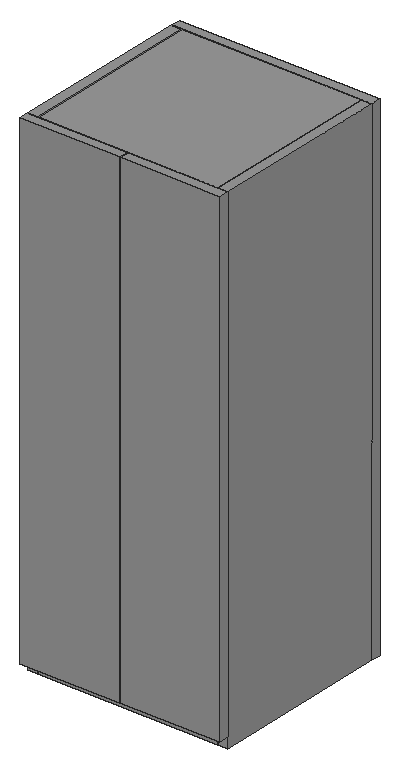
Revit family "MBS_closet with door", category Generic Models, Revit 2014
Parameters (values of type "wardrobe second bedroom")
  panel thickness = 30 mm
  closet with door material = Polyvinyl Chloride, Rigid WARDROBE2 MBS
  c_shelf widht = c_closet base widht  # 540 mm
  c_shelf depht = c_closet base depht  # 540 mm
  c_closet top widht = c_closet base widht  # 540 mm
  c_closet top depht = c_closet base depht  # 540 mm
  c_closet side widht = c_closet base depht  # 540 mm
  c_closet side height = 1500 mm
  c_closet door height = c_closet side height - panel thickness  # 1470 mm
  c_closet base widht = 540 mm
  c_closet base depht = 540 mm
  c_closet back widht = c_closet base widht + 2 * panel thickness  # 600 mm
  c_closet back height = c_closet side height  # 1500 mm
  c_close door widht = (c_closet base widht + 2 * panel thickness) / 2  # 300 mm
Types (6, lengths in mm): name | closet with door material | c_shelf widht | c_shelf depht | c_closet top widht | c_closet top depht | c_closet side widht | c_closet side height | c_closet door height | c_closet base widht | c_closet base depht | c_closet back widht | c_closet back height | c_close door widht
  (no name) | Polyvinyl Chloride, Rigid WARDROBE2 MBS | 540 | 540 | 540 | 540 | 540 | 1500 | 1470 | 540 | 540 | 600 | 1500 | 300
  bathroom closet | Oak, White CLOSET WITH DOOR MBS | 640 | 490 | 640 | 490 | 490 | 1500 | 1470 | 640 | 490 | 700 | 1500 | 350
  kitchen closet | Walnut KITCHEN CLOSET MBS | 540 | 540 | 540 | 540 | 540 | 820 | 790 | 540 | 540 | 600 | 820 | 300
  wardrobe main bedroom | Laminate, Ivory, Matte WARDROBE MBS | 540 | 540 | 540 | 540 | 540 | 1500 | 1470 | 540 | 540 | 600 | 1500 | 300
  fridge | Walnut KITCHEN CLOSET MBS | 540 | 580 | 540 | 580 | 580 | 1800 | 1770 | 540 | 580 | 600 | 1800 | 300
  wardrobe second bedroom | Polyvinyl Chloride, Rigid WARDROBE2 MBS | 540 | 540 | 540 | 540 | 540 | 1500 | 1470 | 540 | 540 | 600 | 1500 | 300
Reference planes
  plane 1 "Center (Front/Back)": y = 0
  plane 2: z = 0
  plane 3 "Center (Left/Right)": x = 0
  plane 4: y = 372.203
  plane 5: x = 297.839
  plane 6: y = -167.797
  plane 7: x = -242.161
  plane 8: x = -342.161
  plane 9: y = 372.203
  plane 10: y = -167.797
  plane 11: z = 0
  plane 12: z = 1500
  plane 13: x = 297.839
  plane 14: x = 297.839
  plane 15: x = 297.839
  plane 16: x = 297.839
  plane 17: x = 297.839
  plane 18: x = 297.839
  plane 19: z = 0
  plane 20: y = 372.203
  plane 21: y = -167.797
  plane 22: z = 1500
  plane 23: x = 297.839
  plane 24: x = 297.839
  plane 25: z = 790
  plane 26: y = 372.203
  plane 27: y = -167.797
  plane 28: x = 297.839
  plane 29: x = -242.161
  plane 30: y = 372.203
  plane 31: z = 0
  plane 32: z = 1500
  plane 33: x = 327.839
  plane 34: x = -272.161
  plane 35: y = -117.797
  plane 36: z = 30
  plane 37: y = 372.203
  plane 38: y = -167.797
  plane 39: x = 297.839
  plane 40: x = -242.161
  plane 41: z = 431.881
  plane 42: z = 431.881
  plane 43: y = 372.203
  plane 44: y = -167.797
  plane 45: x = 297.839
  plane 46: x = -242.161
  plane 47: z = 30
  plane 48: z = 1500
  plane 49: z = 30
  plane 50: z = 1500
Forms (mm)
  Extrusion 1, solid, material "Polyvinyl Chloride, Rigid WARDROBE2 MBS" <- "closet with door material"
    sketch origin (0, 0, 0) x (1, 0, 0) y (0, 1, 0)
      loop
        line (-242.161, 372.203) -> (-242.161, -167.797) -> (297.839, -167.797) -> (297.839, 372.203) -> (-242.161, 372.203)
    from 0 to 30
  Extrusion 2, solid, material "Polyvinyl Chloride, Rigid WARDROBE2 MBS" <- "closet with door material"
    sketch origin (-342.161, 1682.235, 732.603) x (0, 0, 1) y (0, 1, 0)
      loop
        line (-732.603, -1310.032) -> (-732.603, -1850.032) -> (767.397, -1850.032) -> (767.397, -1310.032) -> (-732.603, -1310.032)
    from -100 to -70
  Extrusion 3, solid, material "Polyvinyl Chloride, Rigid WARDROBE2 MBS" <- "closet with door material"
    sketch origin (297.839, 1758.237, -180.672) x (0, 0, -1) y (0, 1, 0)
      loop
        line (-1680.672, -1386.034) -> (-1680.672, -1926.034) -> (-180.672, -1926.034) -> (-180.672, -1386.034) -> (-1680.672, -1386.034)
    from 0 to 30
  Extrusion 4, solid, material "Polyvinyl Chloride, Rigid WARDROBE2 MBS" <- "closet with door material"
    sketch origin (101.285, 1715.895, 790) x (1, 0, 0) y (0, 1, 0)
      loop
        line (196.554, -1883.692) -> (196.554, -1343.692) -> (-343.446, -1343.692) -> (-343.446, -1883.692) -> (196.554, -1883.692)
    from 680 to 710
  Extrusion 5, solid, material "Polyvinyl Chloride, Rigid WARDROBE2 MBS" <- "closet with door material"
    sketch origin (30, 372.203, -485.587) x (0, 0, -1) y (-1, 0, 0)
      loop
        line (-1985.587, -297.839) -> (-485.587, -297.839) -> (-485.587, 302.161) -> (-1985.587, 302.161) -> (-1985.587, -297.839)
    from 0 to 30
  Extrusion 6, solid, material "Polyvinyl Chloride, Rigid WARDROBE2 MBS" <- "closet with door material"
    sketch origin (-522.738, 2031.941, 30) x (-1, 0, 0) y (0, -1, 0)
      loop
        line (-820.577, 2199.738) -> (-820.577, 1659.738) -> (-280.577, 1659.738) -> (-280.577, 2199.738) -> (-820.577, 2199.738)
    from 0 to 30
  Extrusion 7, solid, material "Polyvinyl Chloride, Rigid WARDROBE2 MBS" <- "closet with door material"
    sketch origin (-522.738, 2031.941, 431.881) x (-1, 0, 0) y (0, -1, 0)
      loop
        line (-820.577, 2199.738) -> (-820.577, 1659.738) -> (-280.577, 1659.738) -> (-280.577, 2199.738) -> (-820.577, 2199.738)
    from 0 to 30
  Extrusion 8, solid, material "Polyvinyl Chloride, Rigid WARDROBE2 MBS" <- "closet with door material"
    sketch origin (1218.842, -147.797, -622.839) x (0, 0, -1) y (-1, 0, 0)
      loop
        line (-2122.839, 1191.003) -> (-652.839, 1191.003) -> (-652.839, 1491.003) -> (-2122.839, 1491.003) -> (-2122.839, 1191.003)
    from -50 to -20
  Extrusion 9, solid, material "Polyvinyl Chloride, Rigid WARDROBE2 MBS" <- "closet with door material"
    sketch origin (-843.674, -147.797, -622.839) x (0, 0, -1) y (-1, 0, 0)
      loop
        line (-2122.839, -871.513) -> (-2122.839, -1171.513) -> (-652.839, -1171.513) -> (-652.839, -871.513) -> (-2122.839, -871.513)
    from -50 to -20
Dimensions and locks
  "c_closet base widht": plane 7 to plane 5
  "c_closet base depht": plane 6 to plane 4
  "c_closet side widht": plane 9 to plane 10
  "c_closet side height": plane 11 to plane 12
  "c_closet side height": plane 22 to plane 19
  "c_closet side widht": plane 20 to plane 21
  "c_closet top depht": plane 26 to plane 27
  "c_closet top widht": plane 28 to plane 29
  "c_closet back height": plane 31 to plane 32
  "c_closet back widht": plane 33 to plane 34
  "panel thickness": Extrusion 2 to Extrusion 2
  "panel thickness": Extrusion 4 to Extrusion 4
  "panel thickness": Extrusion 3 to Extrusion 3
  "panel thickness": Extrusion 1 to Extrusion 1
  "panel thickness": Extrusion 5 to Extrusion 5
  "c_shelf widht": plane 39 to plane 40
  "c_shelf depht": plane 37 to plane 38
  "panel thickness": Extrusion 6 to Extrusion 6
  "c_shelf widht": plane 45 to plane 46
  "c_shelf depht": plane 43 to plane 44
  "panel thickness": Extrusion 7 to Extrusion 7
  "c_closet door height": plane 48 to plane 47
  "c_close door widht": Extrusion 8 to Extrusion 8
  "panel thickness": Extrusion 8 to Extrusion 8
  "c_closet door height": plane 50 to plane 49
  "c_close door widht": Extrusion 9 to Extrusion 9
  "panel thickness": Extrusion 9 to Extrusion 9
  aligned and locked: level to plane 2
  aligned and locked: plane 4 to Extrusion 1 sketch curve
  aligned and locked: plane 5 to Extrusion 1 sketch curve
  aligned and locked: plane 6 to Extrusion 1 sketch curve
  aligned and locked: plane 7 to Extrusion 1 sketch curve
  aligned and locked: plane 9 to Extrusion 2 sketch curve
  aligned and locked: plane 10 to Extrusion 2 sketch curve
  aligned and locked: plane 11 to Extrusion 2 sketch curve
  aligned and locked: plane 12 to Extrusion 2 sketch curve
  aligned and locked: plane 19 to Extrusion 3 sketch curve
  aligned and locked: plane 20 to Extrusion 3 sketch curve
  aligned and locked: plane 22 to Extrusion 3 sketch curve
  aligned and locked: Extrusion 3 sketch curve to plane 21
  aligned and locked: plane 26 to Extrusion 4 sketch curve
  aligned and locked: plane 28 to Extrusion 4 sketch curve
  aligned and locked: plane 29 to Extrusion 4 sketch curve
  aligned and locked: plane 27 to Extrusion 4 sketch curve
  aligned and locked: plane 31 to Extrusion 5 sketch curve
  aligned and locked: plane 32 to Extrusion 5 sketch curve
  aligned and locked: plane 33 to Extrusion 5 sketch curve
  aligned and locked: Extrusion 5 sketch curve to plane 34
  aligned and locked: Extrusion 2 to Extrusion 1
  aligned and locked: Extrusion 6 sketch curve to plane 37
  aligned and locked: Extrusion 6 sketch curve to plane 38
  aligned and locked: plane 40 to Extrusion 6 sketch curve
  aligned and locked: Extrusion 6 sketch curve to plane 39
  aligned and locked: Extrusion 7 sketch curve to plane 43
  aligned and locked: Extrusion 7 sketch curve to plane 44
  aligned and locked: plane 46 to Extrusion 7 sketch curve
  aligned and locked: Extrusion 7 sketch curve to plane 45
  aligned and locked: Extrusion 2 to Extrusion 4
  aligned and locked: Extrusion 8 sketch curve to plane 47
  aligned and locked: Extrusion 8 sketch curve to plane 48
  aligned and locked: Extrusion 2 to Extrusion 8
  aligned and locked: plane 49 to Extrusion 9 sketch curve
  aligned and locked: plane 50 to Extrusion 9 sketch curve
  aligned and locked: Extrusion 3 to Extrusion 9
  aligned and locked: Extrusion 9 to Extrusion 3
  aligned and locked: Extrusion 8 to Extrusion 2
Automatic sketch dimensions
  plane 3 "Center (Left/Right)" to Extrusion 8 sketch curve = 27.839 mm
  Extrusion 8 sketch curve to plane 8 = 70 mm
  Extrusion 9 sketch curve to plane 13 = 30 mm
  plane 13 to Extrusion 9 sketch curve = 270 mm
